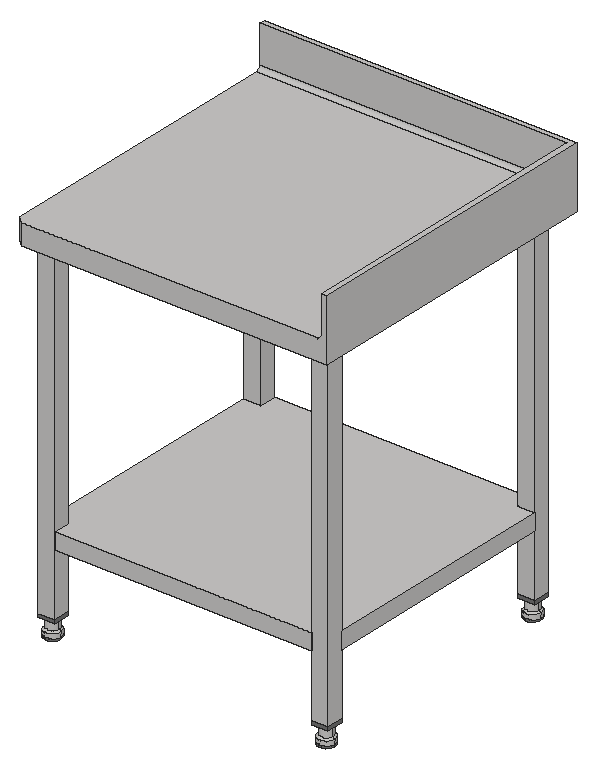
Revit family "QF_ELECTROLUXPROFESSIONAL_134104_LSGTGAE", category Attrezzature speciali, Revit 2020
Family settings
  Quota connettore circolare = Usa diametro
  Tipo di parte = Normale
  Basato su piano di lavoro = No
  Sempre verticale = Sì
  Taglio con vuoti quando caricato = No
  Condiviso = No
  Punto di calcolo locali = No
Parameters (values of type "Standard")
  Weight = 26.00 kg
  Watts = 0 W
  Volts = 0 V
  URL Manufacturer = "https://www.electroluxprofessional.com/"
  URL = "https://www.electroluxprofessional.com/"
  Steam Supply Size = 0 mm
  Steam Supply Minimum Pressure = 0.0 Pa
  Steam Supply Maximum Pressure = 0.0 Pa
  Steam Consumption per Hour = 0
  Refrigeration Suction Line Size = 0.0 mm
  Refrigeration Liquid Line Size = 0.0 mm
  Refrigerant Compressor Remote = yes
  Prospetto di default = 0.0 mm
  Phase = 0
  Modello = "LSGTGAE"
  Produttore = "Electrolux Professional"
  Length Actual = 700.0 mm  # constant formula
  Item Number = "134104"
  Hot Water Size = 0 mm
  Height Actual = 1000.0 mm  # constant formula
  HP = "0 HP"
  Gas Size = 0 mm
  Gas KW = 0
  Gas Input Pressure = 0 W
  Direct Waste Size = 0 mm
  Descrizione = "CORNER TYPE WORK TABLE+UPST.+LOWER SHELF"
  Depth Actual = 700.0 mm  # constant formula
  Cycle = 0 Hz
  Condensate Return Size = 0 mm
  Compressed Air Volume = 0.0 L/s
  Compressed Air Size = 0 mm
  Compressed Air Pressure = 0.0 Pa
  Cold Water Size = 0 mm
  Accessory = yes
Reference planes
  plane 1 "Center (Front/Back)": y = 0
  plane 2: z = 0
  plane 3 "Center (Left/Right)": x = 0
  plane 4 "LEFT": x = -375
  plane 5 "RIGHT": x = 375
  plane 6 "BACK": y = 375
  plane 7 "FRONT": y = -375
  plane 8 "Base": z = 850
  plane 9 "TOP": z = 900
  plane 10: x = -324
  plane 11: x = 334
  plane 12: y = 295
  plane 13: y = -325
  plane 14: z = 1000
Forms (mm)
  Extrusion 1, solid, material "QF_Finishes_Stainless Steel"
    sketch origin (0, 0, 0) x (0, 1, 0) y (0, 0, 1)
      loop
        line (375, 900) -> (375, 1000) -> (362, 1000) -> (362, 910)
        arc (362, 910) -> (359.071, 902.929) -> (352, 900) r 10
        line (352, 900) -> (375, 900)
    from 375 to -375
  Extrusion 2, solid, material "QF_Finishes_Stainless Steel"
    sketch origin (0, 0, -100) x (1, 0, 0) y (0, 0, 1)
      loop
        line (375, 1000) -> (375, 1100) -> (362, 1100) -> (362, 1010)
        arc (362, 1010) -> (359.071, 1002.929) -> (352, 1000) r 10
        line (352, 1000) -> (375, 1000)
    from 375 to -375
  Extrusion 3, solid, material "QF_Finishes_Stainless Steel"
    sketch origin (0, 0, 850) x (0, 1, 0) y (-1, 0, 0)
      loop
        line (-375, 358.5) -> (-375, -375) -> (375, -375) -> (375, 375) -> (-359.5, 375) -> (-375, 358.5)
    from 0 to 50
  Extrusion 4, solid, material "QF_Finishes_Stainless Steel"
    sketch origin (0, 0, 0) x (1, 0, 0) y (0, 1, 0)
      loop
        line (-304, -305) -> (-304, -345) -> (314, -345) -> (314, -305) -> (354, -305) -> (354, 275) -> (314, 275) -> (314, 315) -> (-304, 315) -> (-304, 275) -> (-344, 275) -> (-344, -305) -> (-304, -305)
    from 200 to 240
Cuts and joins
  joined: Extrusion 1, Extrusion 2, Extrusion 3
Lines and regions (mm)
  symbolic lines
    curve 1: line (375, 375, 900) -> (-375, 375, 900)
    curve 2: line (-375, 375, 900) -> (-375, -359.5, 900)
    curve 3: line (-358.5, -375, 900) -> (375, -375, 900)
    curve 4: line (375, -375, 900) -> (375, 375, 900)
    curve 5: line (362, 362, 900) -> (-375, 362, 900)
    curve 6: line (362, 362, 900) -> (362, -375, 900)
    curve 7: line (-375, -359.5, 900) -> (-358.5, -375, 900)
Dimensions and locks
  plane 4 "LEFT" to plane 5 "RIGHT" = 750.0 mm
  equal spacing: plane 4 "LEFT", plane 3 "Center (Left/Right)", plane 5 "RIGHT"
  equal spacing: plane 6 "BACK", plane 1 "Center (Front/Back)", plane 7 "FRONT"
  plane 6 "BACK" to plane 7 "FRONT" = 750.0 mm
  plane 6 "BACK" to plane 12 = 80.0 mm
  plane 13 to plane 7 "FRONT" = 50.0 mm
  plane 4 "LEFT" to plane 10 = 51.0 mm
  plane 11 to plane 5 "RIGHT" = 41.0 mm
  plane 10 to plane 11 = 658.0 mm
  plane 12 to plane 13 = 620.0 mm
  plane 6 "BACK" to plane 12 to plane 13 to plane 7 "FRONT" = 80.0 mm, 620.0 mm, 50.0 mm
  plane 5 "RIGHT" to plane 11 to plane 10 to plane 4 "LEFT" = 41.0 mm, 658.0 mm, 51.0 mm
  nested 2 to nested 1 = 618.0 mm
  locked: plane 8 "Base" to level at 850
  cut or joined group of Extrusion 1, Extrusion 2, Extrusion 3 to plane 9 "TOP" = 100.0 mm
  plane 9 "TOP" to plane 8 "Base" = 50.0 mm
  locked: plane 14 to level at 1000
  aligned and locked: level to plane 2
  aligned and locked: plane 10 to nested 1
  aligned and locked: nested 1 to plane 13
  aligned and locked: plane 11 to nested 2
  aligned and locked: nested 2 to plane 13
  aligned and locked: plane 11 to nested 4
  aligned and locked: nested 4 to plane 12
  aligned and locked: plane 10 to nested 3
  aligned and locked: nested 3 to plane 12
  aligned and locked: Extrusion 1 to plane 4 "LEFT"
  aligned and locked: plane 5 "RIGHT" to Extrusion 1
  aligned and locked: plane 6 "BACK" to Extrusion 2
  aligned and locked: Extrusion 2 to plane 7 "FRONT"
  aligned and locked: Extrusion 3 sketch curve to plane 4 "LEFT"
  aligned and locked: plane 6 "BACK" to Extrusion 3 sketch curve
  aligned and locked: plane 5 "RIGHT" to Extrusion 3 sketch curve
  aligned and locked: plane 9 "TOP" to cut or joined group of Extrusion 1, Extrusion 2, Extrusion 3
  aligned and locked: cut or joined group of Extrusion 1, Extrusion 2, Extrusion 3 to plane 4 "LEFT"
  aligned and locked: plane 5 "RIGHT" to cut or joined group of Extrusion 1, Extrusion 2, Extrusion 3
  aligned and locked: plane 6 "BACK" to cut or joined group of Extrusion 1, Extrusion 2, Extrusion 3
  aligned and locked: cut or joined group of Extrusion 1, Extrusion 2, Extrusion 3 to plane 7 "FRONT"
Automatic sketch dimensions
  Extrusion 1 sketch curve to plane 9 "TOP" = 0.0 mm
  Extrusion 1 sketch curve to plane 6 "BACK" = 0.0 mm
  Extrusion 1 sketch curve to plane 6 "BACK" = 13.0 mm
  Extrusion 1 sketch curve to Extrusion 1 sketch curve = 10.0 mm
  Extrusion 1 sketch curve to Extrusion 1 sketch curve = 90.0 mm
  Extrusion 2 sketch curve to plane 5 "RIGHT" = 0.0 mm
  Extrusion 2 sketch curve to plane 5 "RIGHT" = 13.0 mm
  Extrusion 2 sketch curve to Extrusion 2 sketch curve = 10.0 mm
  plane 9 "TOP" to Extrusion 2 sketch curve = 0.0 mm
  Extrusion 2 sketch curve to Extrusion 2 sketch curve = 90.0 mm
  Extrusion 3 sketch curve to plane 7 "FRONT" = 0.0 mm
  Extrusion 3 sketch curve to plane 13 = 34.5 mm
  Extrusion 3 sketch curve to plane 10 = 34.5 mm
  curve 4 to plane 5 "RIGHT" = 0.0 mm
  curve 4 to plane 7 "FRONT" = 0.0 mm
  curve 2 to plane 4 "LEFT" = 0.0 mm
  curve 4 to plane 6 "BACK" = 0.0 mm
  curve 5 to plane 6 "BACK" = 13.0 mm
  curve 6 to plane 5 "RIGHT" = 13.0 mm
  curve 2 to plane 13 = 34.5 mm
  curve 3 to plane 10 = 34.5 mm
  Extrusion 4 sketch curve to plane 10 = 20.0 mm
  plane 10 to Extrusion 4 sketch curve = 20.0 mm  (x2)
  Extrusion 4 sketch curve to plane 11 = 20.0 mm  (x2)
  plane 11 to Extrusion 4 sketch curve = 20.0 mm
  Extrusion 4 sketch curve to plane 13 = 20.0 mm
  plane 13 to Extrusion 4 sketch curve = 20.0 mm  (x2)
  Extrusion 4 sketch curve to plane 12 = 20.0 mm  (x2)
  Extrusion 4 sketch curve to plane 6 "BACK" = 60.0 mm
Nested families
  nested 1: "FEET_40x40_APP42" at (-324, -325, 0), type "FEET_40x40_APP42"
  nested 2: "FEET_40x40_APP42" at (334, -325, 0), type "FEET_40x40_APP42"
  nested 3: "FEET_40x40_APP42" at (-324, 295, 0), type "FEET_40x40_APP42"
  nested 4: "FEET_40x40_APP42" at (334, 295, 0), type "FEET_40x40_APP42"
Definition of nested family "FEET_40x40_APP42"
  Parameters
    Default Elevation = 0.0 mm
    FEET = 850.0 mm
  Reference planes
    plane 1 "Center (Front/Back)": y = 0
    plane 2: z = 0
    plane 3 "Center (Left/Right)": x = 0
    plane 4: z = 850
  Forms (mm)
    Extrusion 1, solid
      sketch origin (0, 0, 0) x (1, 0, 0) y (0, 1, 0)
        loop
          line (-20, -20) -> (20, -20) -> (20, 20) -> (-20, 20) -> (-20, -20)
      from 50 to 845
    Extrusion 2, solid
      sketch origin (0, 0, 0) x (1, 0, 0) y (0, 1, 0)
        loop
          circle (0, 0) r 20
      from 0 to 5
    Extrusion 3, solid
      sketch origin (0, 0, 0) x (1, 0, 0) y (0, 1, 0)
        loop
          line (30, 30) -> (-30, 30) -> (-30, -30) -> (30, -30) -> (30, 30)
      from 845 to 850
    Extrusion 4, solid
      sketch origin (0, 0, 0) x (1, 0, 0) y (0, 1, 0)
        loop
          line (-20, -20) -> (20, -20) -> (20, 20) -> (-20, 20) -> (-20, -20)
      from 50 to 42
    Revolve 5, solid
      sketch origin (0, 0, 0) x (1, 0, 0) y (0, 0, 1)
        loop
          line (0, 42) -> (-15, 42) -> (-15, 20) -> (-20, 15) -> (-20, 5) -> (0, 5) -> (0, 42)
        axis (0, 42) -> (0, 5)
      angle from 0 to 360
  Lines and regions (mm)
    symbolic lines
      curve 1: line (0, -1.503, 0) -> (0, 1.508, 0)
      curve 2: line (1.561, 0, 0) -> (-1.439, 0, 0)
  Dimensions and locks
    "FEET": plane 4 to plane 2
    aligned and locked: level to plane 2
  Automatic sketch dimensions
    plane 1 "Center (Front/Back)" to curve 2 = 0.0 mm
    curve 1 to plane 3 "Center (Left/Right)" = 0.0 mm
    curve 2 to plane 3 "Center (Left/Right)" = 1.439 mm
    plane 3 "Center (Left/Right)" to curve 2 = 1.561 mm
    plane 1 "Center (Front/Back)" to curve 1 = 1.503 mm
    curve 1 to plane 1 "Center (Front/Back)" = 1.508 mm
    Extrusion 1 sketch curve to plane 3 "Center (Left/Right)" = 20.0 mm
    plane 3 "Center (Left/Right)" to Extrusion 1 sketch curve = 20.0 mm
    plane 1 "Center (Front/Back)" to Extrusion 1 sketch curve = 20.0 mm
    Extrusion 1 sketch curve to plane 1 "Center (Front/Back)" = 20.0 mm
    plane 1 "Center (Front/Back)" to Extrusion 2 sketch curve = 0.0 mm
    Extrusion 2 sketch curve to plane 3 "Center (Left/Right)" = 0.0 mm
    Extrusion 3 sketch curve to plane 3 "Center (Left/Right)" = 30.0 mm
    plane 3 "Center (Left/Right)" to Extrusion 3 sketch curve = 30.0 mm
    plane 1 "Center (Front/Back)" to Extrusion 3 sketch curve = 30.0 mm
    Extrusion 3 sketch curve to plane 1 "Center (Front/Back)" = 30.0 mm
    Extrusion 4 sketch curve to plane 3 "Center (Left/Right)" = 20.0 mm
    plane 3 "Center (Left/Right)" to Extrusion 4 sketch curve = 20.0 mm
    plane 1 "Center (Front/Back)" to Extrusion 4 sketch curve = 20.0 mm
    Extrusion 4 sketch curve to plane 1 "Center (Front/Back)" = 20.0 mm
    Revolve 5 sketch curve to plane 3 "Center (Left/Right)" = 0.0 mm  (x2)
    Revolve 5 sketch curve to plane 3 "Center (Left/Right)" = 15.0 mm
    Revolve 5 sketch curve to Revolve 5 sketch curve = 5.0 mm  (x3)
    level to Revolve 5 sketch curve = 5.0 mm
    Revolve 5 sketch curve to Revolve 5 sketch curve = 10.0 mm
    Revolve 5 sketch curve to Revolve 5 sketch curve = 22.0 mm
    Revolve 5 sketch curve to level = 9.561 mm
    radius of Extrusion 2 sketch curve = 20.0 mm
